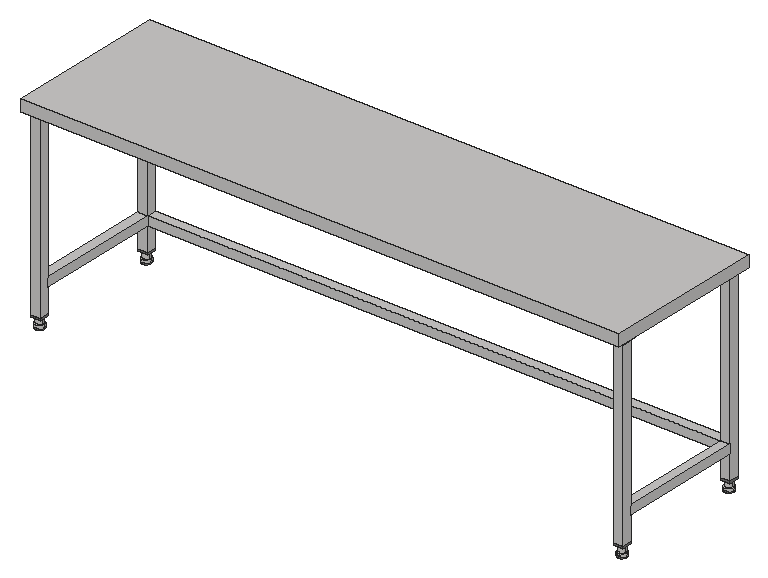
Revit family "QF_ELECTROLUXPROFESSIONAL_133225_TG2600N", category Attrezzature speciali, Revit 2020
Family settings
  Quota connettore circolare = Usa diametro
  Tipo di parte = Normale
  Basato su piano di lavoro = No
  Sempre verticale = Sì
  Taglio con vuoti quando caricato = No
  Condiviso = No
  Punto di calcolo locali = No
Parameters (values of type "Standard")
  Weight = 91.00 kg
  Watts = 0 W
  Volts = 0 V
  URL Manufacturer = "https://www.electroluxprofessional.com/"
  URL = "https://www.electroluxprofessional.com/"
  Steam Supply Size = 0 mm
  Steam Supply Minimum Pressure = 0.0 Pa
  Steam Supply Maximum Pressure = 0.0 Pa
  Steam Consumption per Hour = 0
  Refrigeration Suction Line Size = 0.0 mm
  Refrigeration Liquid Line Size = 0.0 mm
  Refrigerant Compressor Remote = yes
  Prospetto di default = 0.0 mm
  Produttore = "Electrolux Professional"
  Phase = 0
  Modello = "TG2600N"
  Length Actual = 2600.0 mm  # constant formula
  Item Number = "133225"
  Hot Water Size = 0 mm
  Height Actual = 900.0 mm  # constant formula
  HP = "0 HP"
  Gas Size = 0 mm
  Gas KW = 0
  Gas Input Pressure = 0 W
  Direct Waste Size = 0 mm
  Descrizione = "WORK TABLE 2600 MM+UNDERFRAME"
  Depth Actual = 700.0 mm  # constant formula
  Cycle = 0 Hz
  Condensate Return Size = 0 mm
  Compressed Air Volume = 0.0 L/s
  Compressed Air Size = 0 mm
  Compressed Air Pressure = 0.0 Pa
  Cold Water Size = 0 mm
  Accessory = yes
Reference planes
  plane 1 "Center (Front/Back)": y = 0
  plane 2: z = 0
  plane 3 "Center (Left/Right)": x = -800
  plane 4 "LEFT": x = -2100
  plane 5 "RIGHT": x = 500
  plane 6 "BACK": y = 350
  plane 7 "FRONT": y = -350
  plane 8 "Base": z = 850
  plane 9 "TOP": z = 900
  plane 10: x = -2064.5
  plane 11: x = 464.5
  plane 12: y = 290
  plane 13: y = -290
Forms (mm)
  Extrusion 1, solid, material "QF_Finishes_Stainless Steel"
    sketch origin (-800, 0, 0) x (0, 1, 0) y (0, 0, 1)
      loop
        line (-350, 850) -> (350, 850) -> (350, 900) -> (-350, 900) -> (-350, 850)
    from 1300 to -1300
  Extrusion 2, solid, material "QF_Finishes_Stainless Steel"
    sketch origin (-800, 0, 0) x (0, 1, 0) y (0, 0, 1)
      loop
        line (270, 195) -> (270, 155) -> (310, 155) -> (310, 195) -> (270, 195)
    from 1244.5 to -1244.5
  Extrusion 3, solid, material "QF_Finishes_Stainless Steel"
    sketch origin (0, 0, 0) x (1, 0, 0) y (0, 0, 1)
      loop
        line (-2044.5, 195) -> (-2084.5, 195) -> (-2084.5, 155) -> (-2044.5, 155) -> (-2044.5, 195)
      loop
        line (484.5, 195) -> (444.5, 195) -> (444.5, 155) -> (484.5, 155) -> (484.5, 195)
    from 270 to -270
Lines and regions (mm)
  symbolic lines
    curve 1: line (500, 350, 900) -> (-2100, 350, 900)
    curve 2: line (-2100, 350, 900) -> (-2100, -350, 900)
    curve 3: line (-2100, -350, 900) -> (500, -350, 900)
    curve 4: line (500, -350, 900) -> (500, 350, 900)
    curve 5: line (500, 337, 900) -> (-2100, 337, 900)
Dimensions and locks
  plane 4 "LEFT" to plane 5 "RIGHT" = 2600.0 mm
  equal spacing: plane 4 "LEFT", plane 3 "Center (Left/Right)", plane 5 "RIGHT"
  plane 4 "LEFT" to plane 10 = 35.5 mm
  plane 11 to plane 5 "RIGHT" = 35.5 mm
  plane 10 to plane 11 = 2529.0 mm
  plane 6 "BACK" to plane 12 = 60.0 mm
  plane 13 to plane 7 "FRONT" = 60.0 mm
  plane 6 "BACK" to plane 7 "FRONT" = 700.0 mm
  plane 12 to plane 13 = 580.0 mm
  equal spacing: plane 6 "BACK", plane 1 "Center (Front/Back)", plane 7 "FRONT"
  locked: plane 9 "TOP" to level at 900
  locked: plane 8 "Base" to level at 850
  aligned and locked: level to plane 2
  aligned and locked: plane 11 to nested 2
  aligned and locked: nested 2 to plane 12
  aligned and locked: plane 10 to nested 1
  aligned and locked: nested 1 to plane 12
  aligned and locked: Extrusion 1 to plane 4 "LEFT"
  aligned and locked: plane 5 "RIGHT" to Extrusion 1
  aligned and locked: curve 2 to plane 4 "LEFT"
  aligned and locked: nested 4 to nested 3
  aligned and locked: plane 10 to nested 4
  aligned and locked: nested 4 to plane 13
  aligned and locked: nested 3 to plane 13
Automatic sketch dimensions
  curve 3 to plane 7 "FRONT" = 0.0 mm
  curve 5 to plane 5 "RIGHT" = 0.0 mm
  curve 4 to plane 6 "BACK" = 0.0 mm
  curve 5 to plane 6 "BACK" = 13.0 mm
  Extrusion 1 sketch curve to plane 7 "FRONT" = 0.0 mm
  Extrusion 1 sketch curve to plane 9 "TOP" = 0.0 mm
  Extrusion 1 sketch curve to plane 8 "Base" = 0.0 mm
  Extrusion 2 sketch curve to plane 12 = 20.0 mm
  plane 12 to Extrusion 2 sketch curve = 20.0 mm
  level to Extrusion 2 sketch curve = 155.0 mm
  Extrusion 2 sketch curve to Extrusion 2 sketch curve = 40.0 mm
  plane 4 "LEFT" to Extrusion 3 sketch curve = 15.5 mm
  plane 10 to Extrusion 3 sketch curve = 20.0 mm
  Extrusion 3 sketch curve to plane 11 = 20.0 mm
  Extrusion 3 sketch curve to plane 5 "RIGHT" = 15.5 mm
  level to Extrusion 3 sketch curve = 155.0 mm  (x2)
  Extrusion 3 sketch curve to Extrusion 3 sketch curve = 40.0 mm  (x2)
  Extrusion 1 sketch curve to plane 6 "BACK" = 0.0 mm
Nested families
  nested 1: "FEET_40x40_APP42" at (-2064.5, 290, 0), type "FEET_40x40_APP42"
  nested 2: "FEET_40x40_APP42" at (464.5, 290, 0), type "FEET_40x40_APP42"
  nested 3: "FEET_40x40_APP42" at (464.5, -290, 0), type "FEET_40x40_APP42"
  nested 4: "FEET_40x40_APP42" at (-2064.5, -290, 0), type "FEET_40x40_APP42"
Definition of nested family "FEET_40x40_APP42"
  Parameters
    Default Elevation = 0.0 mm
    FEET = 850.0 mm
  Reference planes
    plane 1 "Center (Front/Back)": y = 0
    plane 2: z = 0
    plane 3 "Center (Left/Right)": x = 0
    plane 4: z = 850
  Forms (mm)
    Extrusion 1, solid
      sketch origin (0, 0, 0) x (1, 0, 0) y (0, 1, 0)
        loop
          line (-20, -20) -> (20, -20) -> (20, 20) -> (-20, 20) -> (-20, -20)
      from 50 to 845
    Extrusion 2, solid
      sketch origin (0, 0, 0) x (1, 0, 0) y (0, 1, 0)
        loop
          circle (0, 0) r 20
      from 0 to 5
    Extrusion 3, solid
      sketch origin (0, 0, 0) x (1, 0, 0) y (0, 1, 0)
        loop
          line (30, 30) -> (-30, 30) -> (-30, -30) -> (30, -30) -> (30, 30)
      from 845 to 850
    Extrusion 4, solid
      sketch origin (0, 0, 0) x (1, 0, 0) y (0, 1, 0)
        loop
          line (-20, -20) -> (20, -20) -> (20, 20) -> (-20, 20) -> (-20, -20)
      from 50 to 42
    Revolve 5, solid
      sketch origin (0, 0, 0) x (1, 0, 0) y (0, 0, 1)
        loop
          line (0, 42) -> (-15, 42) -> (-15, 20) -> (-20, 15) -> (-20, 5) -> (0, 5) -> (0, 42)
        axis (0, 42) -> (0, 5)
      angle from 0 to 360
  Lines and regions (mm)
    symbolic lines
      curve 1: line (0, -1.503, 0) -> (0, 1.508, 0)
      curve 2: line (1.561, 0, 0) -> (-1.439, 0, 0)
  Dimensions and locks
    "FEET": plane 4 to plane 2
    aligned and locked: level to plane 2
  Automatic sketch dimensions
    plane 1 "Center (Front/Back)" to curve 2 = 0.0 mm
    curve 1 to plane 3 "Center (Left/Right)" = 0.0 mm
    curve 2 to plane 3 "Center (Left/Right)" = 1.439 mm
    plane 3 "Center (Left/Right)" to curve 2 = 1.561 mm
    plane 1 "Center (Front/Back)" to curve 1 = 1.503 mm
    curve 1 to plane 1 "Center (Front/Back)" = 1.508 mm
    Extrusion 1 sketch curve to plane 3 "Center (Left/Right)" = 20.0 mm
    plane 3 "Center (Left/Right)" to Extrusion 1 sketch curve = 20.0 mm
    plane 1 "Center (Front/Back)" to Extrusion 1 sketch curve = 20.0 mm
    Extrusion 1 sketch curve to plane 1 "Center (Front/Back)" = 20.0 mm
    plane 1 "Center (Front/Back)" to Extrusion 2 sketch curve = 0.0 mm
    Extrusion 2 sketch curve to plane 3 "Center (Left/Right)" = 0.0 mm
    Extrusion 3 sketch curve to plane 3 "Center (Left/Right)" = 30.0 mm
    plane 3 "Center (Left/Right)" to Extrusion 3 sketch curve = 30.0 mm
    plane 1 "Center (Front/Back)" to Extrusion 3 sketch curve = 30.0 mm
    Extrusion 3 sketch curve to plane 1 "Center (Front/Back)" = 30.0 mm
    Extrusion 4 sketch curve to plane 3 "Center (Left/Right)" = 20.0 mm
    plane 3 "Center (Left/Right)" to Extrusion 4 sketch curve = 20.0 mm
    plane 1 "Center (Front/Back)" to Extrusion 4 sketch curve = 20.0 mm
    Extrusion 4 sketch curve to plane 1 "Center (Front/Back)" = 20.0 mm
    Revolve 5 sketch curve to plane 3 "Center (Left/Right)" = 0.0 mm  (x2)
    Revolve 5 sketch curve to plane 3 "Center (Left/Right)" = 15.0 mm
    Revolve 5 sketch curve to Revolve 5 sketch curve = 5.0 mm  (x3)
    level to Revolve 5 sketch curve = 5.0 mm
    Revolve 5 sketch curve to Revolve 5 sketch curve = 10.0 mm
    Revolve 5 sketch curve to Revolve 5 sketch curve = 22.0 mm
    Revolve 5 sketch curve to level = 9.561 mm
    radius of Extrusion 2 sketch curve = 20.0 mm
